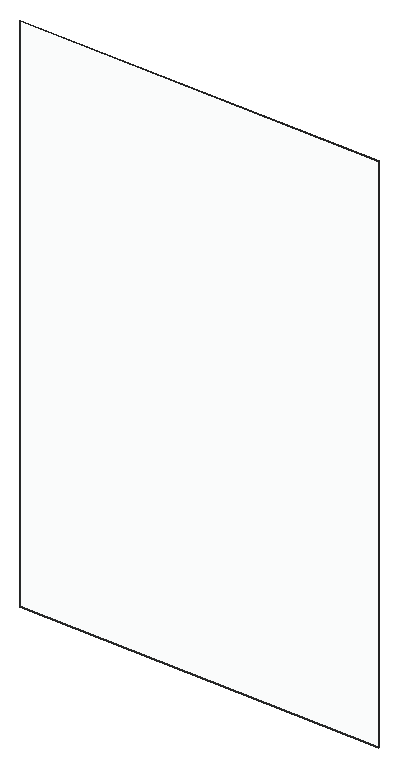
Revit family "Building-Materials_Glass-Glazing_Vitro-Architectural-Glass_Azuria-Monolithic-Glass", category Curtain Panels, Revit 2026
Family settings
  Classification Number = 23.25.20.14.11.11.17
  Always vertical = Yes
  Cut with Voids When Loaded = No
  Shared = No
Parameters (values of type "Azuria Monolithic")
  Visual Light Transmittance = 0.68  # constant formula
  UV Light Transmittance = 0.42
  URL = "https://www.vitroglazings.com/"
  U-Value Argon (Winter Night) = 0.0000 BTU/(h·ft²·°F)
  U-Value Argon (Summer Day) = 0.0000 BTU/(h·ft²·°F)
  U-Value Air (Winter Night) = 1.0200 BTU/(h·ft²·°F)
  U-Value Air (Summer Day) = 0.9200 BTU/(h·ft²·°F)
  Thickness = 0' - 0 1/4"
  Thermal Resistance (R) = 8.3333 (h·ft²·°F)/BTU  # constant formula
  Solar Light Transmittance = 0.32
  Solar Heat Gain Coefficient = 0.52  # constant formula
  Shadow Coefficient = 0.6
  Reflectance (Visible Interior) = 7
  Reflectance (Visible Exterior) = 7
  Product data url = "https://www.bimobject.com/vitroarchictecturalglass/product/azuria-glass"
  Product Page URL = "https://www.vitroglazings.com/products/performance-tinted-glass/blue-green-tinted-glass/azuria-glass/"
  Product Guid = "65652ddc-b469-4d42-95d0-bb7b871da1b9"
  Model = "Azuria Monolithic"
  Manufacturer = "Vitro Architectural Glass "  # constant formula
  Light to Solar Gain = 1.31
  Keynote = "08900"
  ISO Damage Weighted Transmittance = 0.651
  Heat Transfer Coefficient (U) = 0.2900 BTU/(h·ft²·°F)  # constant formula
  Glass Material = Vitro Architectural-Glass - Azuria
  Finish = "Glass"  # constant formula
  Description = "Azuria® glass is a stunning aqua-blue glass that is part of the nautically inspired tinted glass collection by Vitro Glass. Azuria® glass’s distinctive aesthetic blends brilliantly with the surrounding environment, adding beauty while delivering solar control and spectrally selective properties that makes it one of the top glasses in the industry."  # constant formula
  Define Thermal Properties by = Schematic Type
  Assembly Code = "B2020220"
  Analytic Construction = "Large single-glazed windows"
Reference planes (in)
  plane 1 "Front": y = 0
  plane 2: z = 0
  plane 3 "Center (Left/Right)": x = 0
  plane 4 "Left": x = -32.75106
  plane 5 "Right": x = 32.75106
  plane 6 "Top": z = 96
  plane 7: y = 0.125
  plane 8: y = -0.125
Forms (in)
  Extrusion 1, solid, material "Vitro Architectural-Glass - Azuria" <- "Glass Material"
    sketch origin (0, 0.5, 0) x (1, 0, 0) y (0, 1, 0)
      loop
        line (-32.75106, -0.375) -> (-32.75106, -0.625) -> (32.75106, -0.625) -> (32.75106, -0.375) -> (-32.75106, -0.375)
    from 0 to 96
Text (in)
  text "Exterior" at (-54.29358, 31.38743, 0), in view "Ref. Level"
  text "Exterior" at (480, 41.53993, 89.60405), in view "Right"
  text "Exterior" at (-240, 57.82419, 105.78864), in view "Left"
Dimensions and locks (in)
  equal spacing: plane 4 "Left", plane 3 "Center (Left/Right)", plane 5 "Right"
  plane 7 to Extrusion 1 sketch curve = 0' - 0"
  equal spacing: plane 7, plane 1 "Front", plane 8
  "Thickness": plane 7 to plane 8
  aligned and locked: level to plane 2
  aligned and locked: Extrusion 1 sketch curve to plane 4 "Left"
  aligned and locked: plane 5 "Right" to Extrusion 1 sketch curve
  aligned and locked: Extrusion 1 to plane 6 "Top"
  aligned and locked: Extrusion 1 to level
  aligned and locked: plane 7 to Extrusion 1
  aligned and locked: Extrusion 1 to plane 8
Automatic sketch dimensions
  Extrusion 1 sketch curve to plane 7 = 0' - 0 1/4"
